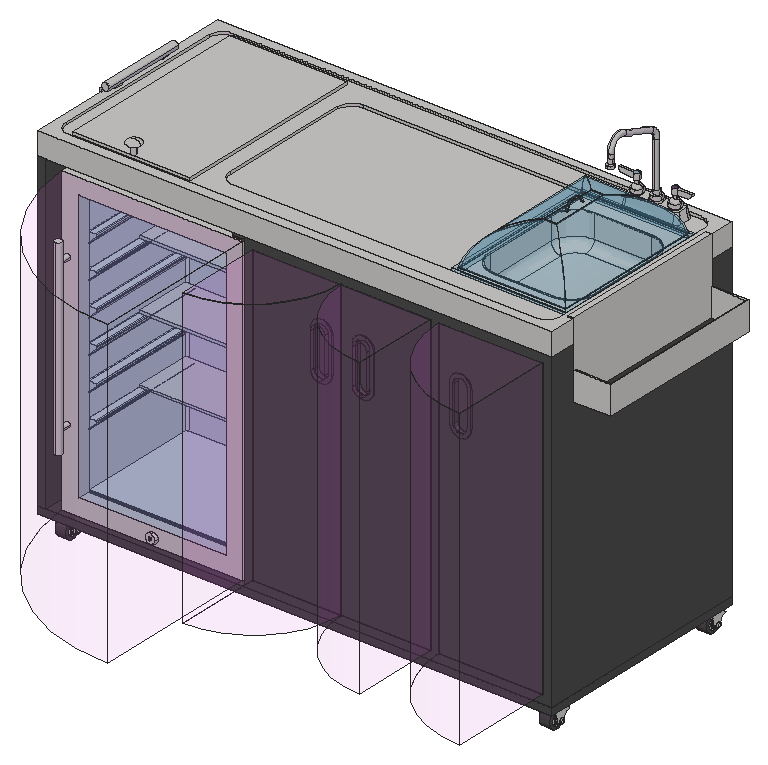
Revit family "QF_Summit_CARTOS54RG_Mobile_Outdoor_Serving_Station_with_Refrigerator", category Specialty Equipment, Revit 2020 (continued)
Automatic sketch dimensions
  curve 169 to curve 168 = 1/2"
  curve 17 to curve 52 = 1.36127"
  curve 168 to curve 17 = 0"
  curve 168 to curve 17 = 0.00258"
  curve 168 to curve 169 = 0"
  curve 170 to curve 171 = 0"
  curve 59 to curve 54 = 0.12794"
  curve 172 to curve 166 = 0.02112"
  curve 165 to curve 40 = 0.00351"
  curve 9 to curve 45 = 0.36948"
  curve 173 to curve 170 = 0.02112"
  curve 169 to curve 52 = 0.00351"
  curve 17 to curve 57 = 0.36948"
  cut or joined group of Extrusion 1, Extrusion 11, Extrusion 12 to Split face 2 sketch curve = 1/16"
  Split face 2 sketch curve to Split face 2 sketch curve = 3/8"
  Split face 2 sketch curve to cut or joined group of Extrusion 1, Extrusion 11, Extrusion 12 = 1 7/8"
  Split face 2 sketch curve to cut or joined group of Extrusion 1, Extrusion 11, Extrusion 12 = 2 1/16"
  cut or joined group of Extrusion 1, Extrusion 11, Extrusion 12 to Split face 3 sketch curve = 1 5/16"
  Split face 3 sketch curve to Split face 3 sketch curve = 3/8"
  Split face 3 sketch curve to cut or joined group of Extrusion 1, Extrusion 11, Extrusion 12 = 1 7/8"
  Split face 3 sketch curve to cut or joined group of Extrusion 1, Extrusion 11, Extrusion 12 = 2 1/16"
  cut or joined group of Extrusion 1, Extrusion 11, Extrusion 12 to Split face 4 sketch curve = 2 9/16"
  Split face 4 sketch curve to Split face 4 sketch curve = 3/8"
  Split face 4 sketch curve to cut or joined group of Extrusion 1, Extrusion 11, Extrusion 12 = 1 7/8"
  Split face 4 sketch curve to cut or joined group of Extrusion 1, Extrusion 11, Extrusion 12 = 2 1/16"
  cut or joined group of Extrusion 1, Extrusion 11, Extrusion 12 to Split face 5 sketch curve = 3 13/16"
  Split face 5 sketch curve to Split face 5 sketch curve = 3/8"
  Split face 5 sketch curve to cut or joined group of Extrusion 1, Extrusion 11, Extrusion 12 = 1 7/8"
  Split face 5 sketch curve to cut or joined group of Extrusion 1, Extrusion 11, Extrusion 12 = 2 1/16"
  cut or joined group of Extrusion 1, Extrusion 11, Extrusion 12 to Split face 6 sketch curve = 5 1/16"
  Split face 6 sketch curve to Split face 6 sketch curve = 3/8"
  Split face 6 sketch curve to cut or joined group of Extrusion 1, Extrusion 11, Extrusion 12 = 1 7/8"
  Split face 6 sketch curve to cut or joined group of Extrusion 1, Extrusion 11, Extrusion 12 = 2 1/16"
  Split face 7 sketch curve to cut or joined group of Extrusion 1, Extrusion 11, Extrusion 12 = 1 7/8"
  cut or joined group of Extrusion 1, Extrusion 11, Extrusion 12 to Split face 7 sketch curve = 6 5/16"
  Split face 7 sketch curve to Split face 7 sketch curve = 3/8"
  Split face 7 sketch curve to cut or joined group of Extrusion 1, Extrusion 11, Extrusion 12 = 2 1/16"
  cut or joined group of Extrusion 1, Extrusion 11, Extrusion 12 to Split face 8 sketch curve = 5 9/16"
  Split face 8 sketch curve to Split face 8 sketch curve = 3/8"
  Split face 8 sketch curve to cut or joined group of Extrusion 1, Extrusion 11, Extrusion 12 = 1 7/8"
  Split face 8 sketch curve to cut or joined group of Extrusion 1, Extrusion 11, Extrusion 12 = 2 1/16"
  cut or joined group of Extrusion 1, Extrusion 11, Extrusion 12 to Split face 9 sketch curve = 4 5/16"
  Split face 9 sketch curve to Split face 9 sketch curve = 3/8"
  Split face 9 sketch curve to cut or joined group of Extrusion 1, Extrusion 11, Extrusion 12 = 1 7/8"
  Split face 9 sketch curve to cut or joined group of Extrusion 1, Extrusion 11, Extrusion 12 = 2 1/16"
  cut or joined group of Extrusion 1, Extrusion 11, Extrusion 12 to Split face 10 sketch curve = 3 1/16"
  Split face 10 sketch curve to Split face 10 sketch curve = 3/8"
  Split face 10 sketch curve to cut or joined group of Extrusion 1, Extrusion 11, Extrusion 12 = 1 7/8"
  Split face 10 sketch curve to cut or joined group of Extrusion 1, Extrusion 11, Extrusion 12 = 2 1/16"
  cut or joined group of Extrusion 1, Extrusion 11, Extrusion 12 to Split face 11 sketch curve = 1 13/16"
  Split face 11 sketch curve to Split face 11 sketch curve = 3/8"
  Split face 11 sketch curve to cut or joined group of Extrusion 1, Extrusion 11, Extrusion 12 = 1 7/8"
  Split face 11 sketch curve to cut or joined group of Extrusion 1, Extrusion 11, Extrusion 12 = 2 1/16"
  cut or joined group of Extrusion 1, Extrusion 11, Extrusion 12 to Split face 12 sketch curve = 9/16"
  cut or joined group of Extrusion 1, Extrusion 11, Extrusion 12 to Split face 12 sketch curve = 3/16"
  Split face 12 sketch curve to cut or joined group of Extrusion 1, Extrusion 11, Extrusion 12 = 1 7/8"
  Split face 12 sketch curve to cut or joined group of Extrusion 1, Extrusion 11, Extrusion 12 = 2 1/16"
  curve 65 to plane 13 = 0"
  plane 1 "BACK" to curve 25 = 0"
  curve 25 to plane 4 "RIGHT" = 0"
  curve 27 to plane 4 "RIGHT" = 0"
  plane 5 "FRONT" to curve 96 = 0"
  curve 26 to plane 3 "LEFT" = 0"
  curve 83 to plane 3 "LEFT" = 0"
  curve 39 to plane 3 "LEFT" = 0"
  curve 71 to plane 13 = 1/8"
  curve 72 to plane 4 "RIGHT" = 1/8"
  plane 4 "RIGHT" to curve 68 = 1/2"
  curve 27 to curve 95 = 7/8"
  curve 65 to curve 31 = 1/2"
  curve 37 to curve 153 = 11/16"
  plane 1 "BACK" to curve 36 = 0.85593"
  curve 30 to curve 36 = 1 1/2"
  curve 33 to plane 5 "FRONT" = 1"
  curve 95 to curve 33 = 1 5/8"
  curve 153 to curve 152 = 2 9/16"
  curve 153 to curve 154 = 2 9/16"
  curve 154 to curve 159 = 4"
  curve 158 to curve 155 = 2"
  curve 152 to curve 150 = 6"
  curve 32 to curve 96 = 7.79303"
  curve 155 to curve 97 = 2 3/8"
  curve 150 to curve 157 = 2 9/16"
  curve 157 to curve 143 = 2 1/16"
  curve 142 to curve 143 = 0"
  curve 135 to curve 139 = 0"
  curve 133 to curve 135 = 0"
  curve 130 to curve 131 = 0"
  curve 157 to curve 111 = 2 1/16"
  curve 109 to curve 111 = 0"  (x2)
  curve 125 to curve 127 = 0"
  curve 121 to curve 123 = 0"
  curve 103 to curve 107 = 0"
  curve 117 to curve 119 = 0"
  plane 7 "Center Y" to curve 98 = 6.24764"
  curve 98 to curve 99 = 2.60353"
  curve 174 to plane 7 "Center Y" = 4 5/16"
  plane 8 "Center X" to curve 111 = 4.08157"
  curve 111 to plane 7 "Center Y" = 8 11/16"
  curve 115 to curve 112 = 0"
  curve 119 to curve 118 = 0"
  curve 106 to curve 107 = 0"
  curve 174 to curve 144 = 4 3/8"
  curve 141 to curve 143 = 0"
  plane 8 "Center X" to curve 123 = 0.33157"
  curve 123 to curve 122 = 0"
  curve 137 to curve 139 = 0"
  curve 127 to curve 126 = 0"
  curve 131 to curve 128 = 0"
  curve 144 to curve 38 = 3/8"
  curve 103 to curve 162 = 3/8"
  curve 100 to curve 101 = 1 1/2"
  curve 86 to plane 5 "FRONT" = 1 5/8"
  curve 101 to curve 86 = 1 11/16"
  curve 85 to curve 89 = 11/16"
  curve 92 to plane 5 "FRONT" = 1 31/32"
  curve 88 to curve 92 = 5 7/16"
  plane 3 "LEFT" to curve 91 = 3 1/8"
  curve 90 to curve 36 = 5/8"
  curve 90 to curve 33 = 5/8"
  curve 36 to curve 85 = 1/16"
  plane 3 "LEFT" to curve 80 = 1 5/8"
  plane 3 "LEFT" to curve 148 = 1"
  plane 3 "LEFT" to curve 149 = 1"
  curve 148 to curve 79 = 1/8"
  curve 77 to plane 3 "LEFT" = 1/8"
  curve 83 to curve 75 = 1/8"
  curve 36 to curve 84 = 0.64407"
  curve 91 to curve 35 = 0.16843"
  curve 31 to curve 65 = 0.45657"
  curve 28 to curve 69 = 1/8"
  plane 1 "BACK" to curve 162 = 3.35593"
  curve 162 to curve 163 = 1 13/16"
  curve 163 to curve 151 = 0"
  curve 103 to curve 111 = 2 1/2"
  curve 104 to curve 104 = 3/8"
  curve 105 to curve 107 = 1/2"
  curve 110 to curve 110 = 3/8"
  plane 8 "Center X" to curve 79 = 4.58157"
  curve 112 to curve 112 = 3/8"
  curve 79 to curve 73 = 1.00954"
  curve 112 to curve 115 = 1/2"
  curve 73 to curve 75 = 3/4"
  curve 118 to curve 118 = 3/8"
  curve 116 to curve 119 = 1/2"
  curve 120 to curve 120 = 3/8"
  curve 126 to plane 8 "Center X" = 0.04343"
  curve 126 to curve 127 = 1/2"
  curve 130 to curve 130 = 3/8"
  curve 128 to curve 131 = 1/2"
  curve 132 to curve 132 = 3/8"
  curve 159 to plane 8 "Center X" = 2.66843"
  curve 77 to plane 8 "Center X" = 2.67796"
  curve 133 to curve 135 = 1/2"
  curve 76 to curve 78 = 3/4"
  curve 138 to curve 138 = 3/8"
  curve 153 to plane 8 "Center X" = 3.91843"
  curve 78 to curve 81 = 1"
  curve 137 to curve 139 = 1/2"
  curve 140 to curve 140 = 3/8"
  curve 141 to curve 143 = 1/2"
  curve 144 to curve 144 = 3/8"
  curve 145 to curve 101 = 3/8"
  curve 70 to plane 5 "FRONT" = 2 15/16"
  curve 70 to curve 66 = 1/8"
  curve 88 to curve 86 = 11/16"
  curve 34 to curve 93 = 3/16"
  curve 84 to curve 33 = 5/8"
  plane 5 "FRONT" to curve 99 = 4 19/32"
  curve 174 to curve 98 = 1/16"
  plane 5 "FRONT" to curve 96 = 5 7/16"
  curve 96 to curve 95 = 0"
  curve 30 to curve 147 = 0.2523"
  curve 147 to curve 161 = 0.44346"
  curve 152 to curve 151 = 1.66504"
  curve 151 to curve 161 = 0.00559"
  curve 151 to curve 163 = 0.62545"
  curve 161 to curve 160 = 0.62565"
  curve 158 to curve 158 = 7/8"
  curve 160 to curve 163 = 0.94908"
  curve 160 to curve 162 = 0.45615"
  curve 98 to curve 97 = 0"
  curve 99 to curve 174 = 0"
  curve 88 to curve 92 = 0.66659"
  curve 78 to curve 26 = 0.89527"
  curve 76 to curve 78 = 0"
  plane 3 "LEFT" to curve 75 = 0.89527"
  curve 73 to curve 75 = 0"
  curve 161 to curve 151 = 1 13/16"
  curve 160 to curve 161 = 0"
  curve 65 to curve 147 = 0.54343"
  curve 31 to curve 152 = 1/2"
  curve 73 to curve 39 = 0.00954"
  curve 154 to curve 37 = 0.50954"
  curve 71 to curve 29 = 3/16"
  radius of Extrusion 9 sketch curve = 7/8"
  radius of Extrusion 29 sketch curve = 3/8"
  radius of Extrusion 11 sketch curve to Extrusion 1 = 0"  (x2)
Nested families (in)
  nested 1: "2.5 INCHES_CASTER" at (-3.5625, -1.93248, 0), type "2.5 INCHES_CASTER"
    with Type Mark "", Specification by User "", Revision Code "", Item Number "", Installed By "", Identify Quantity as Lot yes, Furnished By "", Foodservice Equipment Identifier yes, 2.5 Inches Caster yes
  nested 2: "2.5 INCHES_CASTER" at (47.1875, -1.93248, 0), type "2.5 INCHES_CASTER"
    with Type Mark "", Specification by User "", Revision Code "", Item Number "", Installed By "", Identify Quantity as Lot yes, Furnished By "", Foodservice Equipment Identifier yes, 2.5 Inches Caster yes
  nested 3: "2.5 INCHES_CASTER" at (-3.5625, -22.43248, 0), type "2.5 INCHES_CASTER"
    with Type Mark "", Specification by User "", Revision Code "", Item Number "", Installed By "", Identify Quantity as Lot yes, Furnished By "", Foodservice Equipment Identifier yes, 2.5 Inches Caster yes
  nested 4: "2.5 INCHES_CASTER" at (47.1875, -22.43248, 0), type "2.5 INCHES_CASTER"
    with Type Mark "", Specification by User "", Revision Code "", Item Number "", Installed By "", Identify Quantity as Lot yes, Furnished By "", Foodservice Equipment Identifier yes, 2.5 Inches Caster yes
  nested 5: "Summit_Faucet" at (45.5, -1.0625, 38.25) x (-1, 0, 0) z (0, 0, 1), type "Summit_Faucet"
    with Type Mark "", Specification by User "", Revision Code "", Item Number "", Installed By "", Identify Quantity as Lot yes, Furnished By "", Foodservice Equipment Identifier yes
  nested 6: "Summit_SPR488BOSADALHD" at (16.42731, -5.875, 3.25) x (-1, 0, 0) z (0, 0, 1), Show Clearance <- "Show Clearance", type "Summit_SPR488BOSADALHD"
    with Show Clearance yes
  nested 7: "SPR488BOSADA_Door" at (-4.19535, -7.23814, 3.25), visible <- "Show RHD", type "SPR488BOSADA_Door"
    with Show Logo yes, Show Clearance yes
  nested 8: "SPR488BOSADA_Door" at (18.04997, -7.23814, 3.25) x (-1, 0, 0) z (0, 0, 1), visible <- "Show LHD", type "SPR488BOSADA_Door"
    with Show Logo yes, Show Clearance yes
Definition of nested family "2.5 INCHES_CASTER"
  Parameters (values of type "2.5 INCHES_CASTER")
    Weight = ""
    URL Manufacturer = ""
    URL Cutsheet = ""
    URL = ""
    Type Mark [instance] = ""
    Specification by User [instance] = ""
    Specification by Manufacturer = ""
    Serial Number = ""
    Seismic Rating = ""
    SMACNA No = ""
    Revision Code [instance] = ""
    Omniclass Number and Title = ""
    NAFEM Spec ID Number = ""
    Model = ""
    MasterSpec. = ""
    Manufacturer = ""
    Item Number [instance] = ""
    Installed By [instance] = ""
    Identify Quantity as Lot [instance] = yes
    Furnished By [instance] = ""
    Foodservice Equipment Identifier [instance] = yes
    Description = ""
    Default Elevation = 0"
    CSI MasterFormat = ""
    CSI Master Format = ""
    Assembly Code = ""
    2.5 Inches Caster [instance] = yes
  Reference planes (in)
    plane 1: z = 0
    plane 2 "RIGHT": x = 0
    plane 3 "FRONT": y = 0
    plane 4 "TOP": z = 2.5
  Forms (in)
    Revolve 1, solid, visible <- "2.5 Inches Caster"
      sketch origin (-1.93794, 0.83816, -1.0041) x (1, 0, 0) y (0, 0, 1)
        loop
          line (0.74055, 1.92597) -> (0.74055, 1.85047) -> (0.79055, 1.80047) -> (0.85055, 1.80047) -> (0.85055, 1.6804) -> (1.235, 1.6804) -> (1.235, 1.61305) -> (1.38673, 1.52545) -> (1.4003, 1.4416) -> (1.34375, 1.4416) -> (1.34375, 1.3166) -> (1.375, 1.3166) -> (1.375, 1.0041) -> (2.48438, 1.0041) -> (2.48438, 1.3166) -> (2.51563, 1.3166) -> (2.51563, 1.4416) -> (2.45908, 1.4416) -> (2.47322, 1.52897) -> (2.62438, 1.61624) -> (2.62438, 1.6804) -> (3.04007, 1.6804) -> (3.04007, 1.80047) -> (3.10007, 1.80047) -> (3.15007, 1.85047) -> (3.15007, 1.92597) -> (0.74055, 1.92597)
        axis (0.74055, 1.92597) -> (3.15007, 1.92597)
      angle from 0 to 360
    Extrusion 2, solid, visible <- "2.5 Inches Caster"
      sketch origin (-1.93794, 1.80294, -3.2541) x (0, 1, 0) y (0, 0, 1)
        loop
          line (-0.64294, 5.43229) -> (-0.64294, 5.55298) -> (-2.21294, 5.55298) -> (-2.21294, 5.30272) -> (-1.81966, 5.30272)
          arc (-1.81966, 5.30272) -> (-1.13638, 5.20789) -> (-0.46376, 5.05475) r 8.02767
          arc (-0.46376, 5.05475) -> (-0.19511, 4.95469) -> (0.05138, 4.80832) r 1.60049
          line (0.05138, 4.80832) -> (0.12713, 4.91318)
          arc (0.12713, 4.91318) -> (-0.07255, 5.06376) -> (-0.29048, 5.18644) r 1.8753
          line (-0.29048, 5.18644) -> (-0.22239, 5.30423)
          arc (-0.22239, 5.30423) -> (-0.42776, 5.38437) -> (-0.64294, 5.43229) r 1.44292
      from 1.17357 to 2.70231
    Revolve 3, solid, visible <- "2.5 Inches Caster"
      sketch origin (0, 2.10856, -3.75) x (0, 1, 0) y (0, 0, 1)
        loop
          line (-1.73858, 6.25) -> (-1.73858, 6.04889) -> (-1.05793, 6.04889) -> (-1.05793, 6.25) -> (-1.73858, 6.25)
        axis (-1.73858, 6.04889) -> (-1.73858, 6.25)
      angle from 0 to 360
    Extrusion 4, solid, visible <- "2.5 Inches Caster"
      sketch origin (-1.98481, 1.80294, -1.7541) x (0, 1, 0) y (0, 0, 1)
        loop
          line (-2.21294, 4.05298) -> (-2.21294, 3.80272) -> (-2.13999, 3.80272)
          arc (-2.13999, 3.80272) -> (-1.62379, 3.51899) -> (-1.39241, 2.97729) r 0.90292
          arc (-1.39241, 2.97729) -> (-1.36136, 2.78161) -> (-1.29729, 2.59413) r 1.15385
          arc (-1.29729, 2.59413) -> (-0.94802, 2.37355) -> (-0.6121, 2.61396) r 0.37001
          arc (-0.6121, 2.61396) -> (-0.59625, 2.66241) -> (-0.58446, 2.712) r 0.61695
          arc (-0.58446, 2.712) -> (-0.36134, 3.11665) -> (0.05609, 3.31484) r 0.75313
          line (0.05609, 3.31484) -> (0.12713, 3.41318)
          arc (0.12713, 3.41318) -> (-0.07255, 3.56376) -> (-0.29048, 3.68644) r 1.8753
          line (-0.29048, 3.68644) -> (-0.22239, 3.80423)
          arc (-0.22239, 3.80423) -> (-0.42776, 3.88437) -> (-0.64294, 3.93229) r 1.44292
          line (-0.64294, 3.93229) -> (-0.64294, 4.05298) -> (-2.21294, 4.05298)
      from 2.74918 to 2.90825
    Extrusion 5, solid, visible <- "2.5 Inches Caster"
      sketch origin (1.98481, 1.80294, -1.7541) x (0, 1, 0) y (0, 0, -1)
        loop
          line (-2.21294, -4.05298) -> (-0.64294, -4.05298) -> (-0.64294, -3.93229)
          arc (-0.64294, -3.93229) -> (-0.42776, -3.88437) -> (-0.22239, -3.80423) r 1.44292
          line (-0.22239, -3.80423) -> (-0.29048, -3.68644)
          arc (-0.29048, -3.68644) -> (-0.07255, -3.56376) -> (0.12713, -3.41318) r 1.8753
          line (0.12713, -3.41318) -> (0.05609, -3.31484)
          arc (0.05609, -3.31484) -> (-0.36134, -3.11665) -> (-0.58446, -2.712) r 0.75313
          arc (-0.58446, -2.712) -> (-0.59625, -2.66241) -> (-0.6121, -2.61396) r 0.61695
          arc (-0.6121, -2.61396) -> (-0.94802, -2.37355) -> (-1.29729, -2.59413) r 0.37001
          arc (-1.29729, -2.59413) -> (-1.36136, -2.78161) -> (-1.39241, -2.97729) r 1.15385
          arc (-1.39241, -2.97729) -> (-1.62379, -3.51899) -> (-2.13999, -3.80272) r 0.90292
          line (-2.13999, -3.80272) -> (-2.21294, -3.80272) -> (-2.21294, -4.05298)
      from 2.74918 to 2.90825
  Lines and regions (in)
    symbolic lines, visible <- "2.5 Inches Caster"
      curve 1: line (0.10651, 1.96132, 0) -> (0.80944, 1.55548, 0)
      curve 2: line (-0.89349, 0.22927, 0) -> (0.10651, 1.96132, 0)
      curve 3: line (-0.19056, -0.17657, 0) -> (-0.89349, 0.22927, 0)
      curve 4: line (0.80944, 1.55548, 0) -> (-0.19056, -0.17657, 0)
  Dimensions and locks (in)
    plane 4 "TOP" to level = 2 1/2"  (x2)
    aligned and locked: level to plane 1
Definition of nested family "Summit_Faucet"
  Parameters (values of type "Summit_Faucet")
    Weight = ""
    URL Manufacturer = ""
    URL Cutsheet = ""
    URL = ""
    Type Mark [instance] = ""
    Specification by User [instance] = ""
    Specification by Manufacturer = ""
    Serial Number = ""
    Seismic Rating = ""
    SMACNA No = ""
    Revision Code [instance] = ""
    Omniclass Number and Title = ""
    NAFEM Spec ID Number = ""
    Model = ""
    MasterSpec. = ""
    Manufacturer = ""
    Item Number [instance] = ""
    Installed By [instance] = ""
    Identify Quantity as Lot [instance] = yes
    Furnished By [instance] = ""
    Foodservice Equipment Identifier [instance] = yes
    Default Elevation = 0"
    CSI MasterFormat = ""
    CSI Master Format = ""
  Reference planes (in)
    plane 1 "BACK": y = 0
    plane 2: z = 0
    plane 3 "LEFT": x = 0
    plane 4 "RIGHT": x = 6
    plane 5 "FRONT": y = -2
    plane 6 "TOP": z = 9.5
    plane 7: x = 3
    plane 8: x = 1
    plane 9: x = 5
    plane 10: z = 6.75
    plane 11: y = -1
    plane 12: y = -7
  Forms (in)
    Blend 1, solid
      base sketch origin (0, 0, 0) x (1, 0, 0) y (0, 1, 0)
        loop
          arc (0.5, 0) -> (0.14645, -0.14645) -> (0, -0.5) r 0.5
          line (0, -0.5) -> (0, -1.5)
          arc (0, -1.5) -> (0.14645, -1.85355) -> (0.5, -2) r 0.5
          line (0.5, -2) -> (5.5, -2)
          arc (5.5, -2) -> (5.85355, -1.85355) -> (6, -1.5) r 0.5
          line (6, -1.5) -> (6, -0.5)
          arc (6, -0.5) -> (5.85355, -0.14645) -> (5.5, 0) r 0.5
          line (5.5, 0) -> (0.5, 0)
      top sketch origin (0, 0, 0) x (1, 0, 0) y (0, 1, 0)
        loop
          line (5.5, -0.25) -> (0.5, -0.25)
          arc (0.5, -0.25) -> (0.32322, -0.32322) -> (0.25, -0.5) r 0.25
          line (0.25, -0.5) -> (0.25, -1.5)
          arc (0.25, -1.5) -> (0.32322, -1.67678) -> (0.5, -1.75) r 0.25
          line (0.5, -1.75) -> (5.5, -1.75)
          arc (5.5, -1.75) -> (5.67678, -1.67678) -> (5.75, -1.5) r 0.25
          line (5.75, -1.5) -> (5.75, -0.5)
          arc (5.75, -0.5) -> (5.67678, -0.32322) -> (5.5, -0.25) r 0.25
      from 0 to 1
    Extrusion 2, solid
      sketch origin (0, -0.09496, -3.5) x (1, 0, 0) y (0, 0, 1)
        loop
          line (4.82421, 6.36488) -> (4.82421, 5.7908) -> (5.75768, 5.80403) -> (6.42048, 5.89366)
          arc (6.42048, 5.89366) -> (6.70947, 6.05462) -> (6.82421, 6.36488) r 0.47687
          line (6.82421, 6.36488) -> (4.82421, 6.36488)
      from 0.77919 to 1.02919
    Revolve 3, solid
      sketch origin (-4.03517, -1, 0) x (1, 0, 0) y (0, 0, 1)
        loop
          line (5.03934, 1) -> (5.03934, 3.02505)
          arc (5.03934, 3.02505) -> (4.87585, 2.98746) -> (4.76133, 2.86488) r 0.2869
          line (4.76133, 2.86488) -> (4.76133, 2.2908) -> (4.87917, 2.2908) -> (4.87917, 1.83261)
          arc (4.87917, 1.83261) -> (4.65407, 1.74222) -> (4.60414, 1.50485) r 0.25731
          line (4.60414, 1.50485) -> (4.45379, 1.50485) -> (4.45379, 1.1768) -> (4.53934, 1.1768) -> (4.53934, 1) -> (5.03934, 1)
        axis (5.03934, 1) -> (5.03934, 3.02505)
      angle from 0 to 360
    Revolve 4, solid
      sketch origin (10.03517, -0.99916, 0) x (-1, 0, 0) y (0, 0, -1)
        loop
          line (5.03934, -1) -> (4.53934, -1) -> (4.53934, -1.1768) -> (4.45379, -1.1768) -> (4.45379, -1.50485) -> (4.60414, -1.50485)
          arc (4.60414, -1.50485) -> (4.65407, -1.74222) -> (4.87917, -1.83261) r 0.25731
          line (4.87917, -1.83261) -> (4.87917, -2.2908) -> (4.76133, -2.2908) -> (4.76133, -2.86488)
          arc (4.76133, -2.86488) -> (4.87585, -2.98746) -> (5.03934, -3.02505) r 0.2869
          line (5.03934, -3.02505) -> (5.03934, -1)
        axis (5.03934, -1) -> (5.03934, -3.02505)
      angle from 0 to 360
    Extrusion 5, solid
      sketch origin (6, -0.09496, -3.5) x (-1, 0, 0) y (0, 0, -1)
        loop
          line (4.82421, -6.36488) -> (6.82421, -6.36488)
          arc (6.82421, -6.36488) -> (6.70947, -6.05462) -> (6.42048, -5.89366) r 0.47687
          line (6.42048, -5.89366) -> (5.75768, -5.80403) -> (4.82421, -5.7908) -> (4.82421, -6.36488)
      from 0.77919 to 1.02919
    Revolve 6, solid
      sketch origin (0, -7, 0) x (1, 0, 0) y (0, 0, 1)
        loop
          line (3, 7.59291) -> (2.75, 7.59291) -> (2.75, 7.16874) -> (2.625, 6.95223) -> (2.625, 6.75) -> (3, 6.75) -> (3, 7.59291)
        axis (3, 6.75) -> (3, 7.59291)
      angle from 0 to 360
    Sweep 7, solid
      path origin (3, 0, 0) x (0, 1, 0) y (0, 0, 1)
        loop
          line (-7, 7.59291) -> (-7, 8.04139)
          arc (-7, 8.04139) -> (-6.46697, 9.06533) -> (-5.32247, 9.21601) r 1.25
          line (-5.32247, 9.21601) -> (-1.75198, 7.91645)
          arc (-1.75198, 7.91645) -> (-1.20668, 7.49803) -> (-1, 6.84252) r 1.14286
          line (-1, 6.84252) -> (-1, 2)
      profile origin (3, -7, 7.81715) x (0, -1, 0) y (1, 0, 0)
        loop
          circle (0, 0) r 0.25
    Revolve 8, solid
      sketch origin (8.03517, -0.9375, -3.5) x (-1, 0, 0) y (0, 0, -1)
        loop
          line (5.03934, -4.5) -> (4.40363, -4.5) -> (4.40363, -4.67045) -> (4.50358, -4.67045) -> (4.50358, -5.02398) -> (4.68786, -5.13038) -> (4.68786, -5.5) -> (5.03934, -5.5) -> (5.03934, -4.5)
        axis (5.03934, -4.5) -> (5.03934, -5.5)
      angle from 0 to 360
  Cuts and joins
    joined: Revolve 6, Sweep 7
  Lines and regions (in)
    symbolic lines
      curve 1: line (2.67337, -7.08919, 0) -> (2.67337, -1, 0)
      curve 2: line (3.29837, -7.08919, 0) -> (3.29837, -1, 0)
      curve 3: arc (3.29837, -1, 0) -> (2.98587, -0.6875, 0) -> (2.67337, -1, 0) r 0.3125
      curve 4: arc (3.29837, -1.40113, 0) -> (2.98587, -0.49151, 0) -> (2.67337, -1.40113, 0) r 0.50849
      curve 5: arc (3.29837, -1.5749, 0) -> (3.01791, -0.35019, 0) -> (2.67337, -1.55844, 0) r 0.6486
      curve 6: line (4.38304, -0.63916, 0) -> (5.00804, -0.27831, 0)
      curve 7: line (5.00804, -0.27831, 0) -> (5.63304, -0.63916, 0)
      curve 8: line (5.63304, -0.63916, 0) -> (5.63304, -1.26764, 0)
      curve 9: line (4.38304, -1.36084, 0) -> (4.38304, -0.63916, 0)
      curve 10: line (5.00804, -1.72169, 0) -> (4.38304, -1.36084, 0)
      curve 11: line (5.23435, -1.59103, 0) -> (5.00804, -1.72169, 0)
      curve 12: arc (5.53526, -1.17341, 0) -> (4.61465, -0.60851, 0) -> (5.18402, -1.52636, 0) r 0.555
      curve 13: arc (5.28147, -0.74178, 0) -> (4.74077, -0.73099, 0) -> (4.75156, -1.27169, 0) r 0.375
      curve 14: arc (4.75156, -1.27169, 0) -> (4.84744, -1.34648, 0) -> (4.96221, -1.38665, 0) r 0.375
      curve 15: arc (5.23435, -1.59103, 0) -> (5.11621, -1.46497, 0) -> (4.96221, -1.38665, 0) r 0.5
      curve 16: line (5.22231, -1.58455, 0) -> (6.43111, -2.61867, 0)
      curve 17: arc (6.43111, -2.61867, 0) -> (6.60796, -2.59971, 0) -> (6.62691, -2.42286, 0) r 0.14168
      curve 18: line (5.58934, -1.21683, 0) -> (6.62691, -2.42286, 0)
      curve 19: arc (5.39644, -0.95243, 0) -> (5.47064, -1.10086, 0) -> (5.58934, -1.21683, 0) r 0.5
      curve 20: arc (5.39644, -0.95243, 0) -> (5.35626, -0.83766, 0) -> (5.28147, -0.74178, 0) r 0.375
      curve 21: line (1.62658, -0.63916, 0) -> (1.00158, -0.27831, 0)
      curve 22: line (1.62658, -1.36084, 0) -> (1.62658, -0.63916, 0)
      curve 23: line (1.00158, -1.72169, 0) -> (1.62658, -1.36084, 0)
      curve 24: line (0.77192, -1.58909, 0) -> (1.00158, -1.72169, 0)
      curve 25: line (0.77192, -1.58909, 0) -> (-0.42292, -2.61705, 0)
      curve 26: arc (-0.61721, -2.42277, 0) -> (-0.59834, -2.59818, 0) -> (-0.42292, -2.61705, 0) r 0.1406
      curve 27: line (0.42029, -1.21683, 0) -> (-0.61721, -2.42277, 0)
      curve 28: arc (0.42029, -1.21683, 0) -> (0.53899, -1.10086, 0) -> (0.61319, -0.95243, 0) r 0.5
      curve 29: arc (1.04741, -1.38665, 0) -> (0.89898, -1.46086, 0) -> (0.78301, -1.57955, 0) r 0.5
      curve 30: arc (1.04741, -1.38665, 0) -> (1.16218, -1.34648, 0) -> (1.25806, -1.27169, 0) r 0.375
      curve 31: arc (1.25806, -1.27169, 0) -> (1.26885, -0.73099, 0) -> (0.72816, -0.74178, 0) r 0.375
      curve 32: arc (0.72816, -0.74178, 0) -> (0.65337, -0.83766, 0) -> (0.61319, -0.95243, 0) r 0.375
      curve 33: circle (1.00158, -1, 0) r 0.225 normal (0, 0, 1)
      curve 34: line (1.00158, -0.27831, 0) -> (0.37658, -0.63916, 0)
      curve 35: line (0.37658, -0.63916, 0) -> (0.37658, -1.26764, 0)
      curve 36: arc (0.82561, -1.52636, 0) -> (1.39498, -0.60851, 0) -> (0.47437, -1.17341, 0) r 0.555
      curve 37: arc (2.67337, -6.68325, 0) -> (2.98587, -7.60148, 0) -> (3.29837, -6.68325, 0) r 0.51229
      curve 38: arc (2.67337, -7.08919, 0) -> (2.98587, -7.40169, 0) -> (3.29837, -7.08919, 0) r 0.3125
      curve 39: line (3.29837, -2, 0) -> (5.51871, -2, 0)
      curve 40: line (6, -1.5, 0) -> (6, -0.5, 0)
      curve 41: line (5.5, 0, 0) -> (0.5, 0, 0)
      curve 42: line (0, -0.5, 0) -> (0, -1.5, 0)
      curve 43: line (0.5, -2, 0) -> (2.67337, -2, 0)
      curve 44: line (0.58489, -1.75, 0) -> (2.67337, -1.75, 0)
      curve 45: line (3.29837, -1.75, 0) -> (5.41571, -1.75, 0)
      curve 46: line (0.5, -0.25, 0) -> (5.5, -0.25, 0)
      curve 47: arc (5.75, -0.5, 0) -> (5.67678, -0.32322, 0) -> (5.5, -0.25, 0) r 0.25
      curve 48: arc (0.5, -0.25, 0) -> (0.32322, -0.32322, 0) -> (0.25, -0.5, 0) r 0.25
      curve 49: line (0.25, -1.41477, 0) -> (0.25, -0.5, 0)
      curve 50: line (5.75, -0.5, 0) -> (5.75, -1.40358, 0)
      curve 51: line (0.05911, -1.63665, 0) -> (0, -1.5, 0)
      curve 52: line (0.5, -2, 0) -> (0.35546, -1.94739, 0)
      curve 53: line (5.64118, -1.94289, 0) -> (5.51871, -2, 0)
      curve 54: line (5.94504, -1.63028, 0) -> (6, -1.5, 0)
      curve 55: arc (5.5, 0, 0) -> (5.85355, -0.14645, 0) -> (6, -0.5, 0) r 0.5
      curve 56: arc (0, -0.5, 0) -> (0.14645, -0.14645, 0) -> (0.5, 0, 0) r 0.5
      curve 57: circle (4.99842, -1, 0) r 0.225 normal (0, 0, -1)
  Dimensions and locks (in)
    equal spacing: plane 4 "RIGHT", plane 7, plane 3 "LEFT"
    plane 6 "TOP" to plane 2 = 9 1/2"
    aligned and locked: level to plane 2
  Automatic sketch dimensions
    Blend 1 sketch curve to plane 3 "LEFT" = 0"
    plane 5 "FRONT" to Blend 1 sketch curve = 0"
    plane 1 "BACK" to Blend 1 sketch curve = 0"
    Blend 1 sketch curve to plane 4 "RIGHT" = 0"
    plane 3 "LEFT" to Blend 1 sketch curve = 1/2"  (x2)
    Blend 1 sketch curve to plane 4 "RIGHT" = 1/2"  (x3)
    plane 1 "BACK" to Blend 1 sketch curve = 1/2"  (x2)
    plane 3 "LEFT" to Blend 1 sketch curve = 1/4"
    Blend 1 sketch curve to Blend 1 sketch curve = 1/4"  (x3)
    Blend 1 sketch curve to plane 5 "FRONT" = 1/4"
    plane 9 to Extrusion 2 sketch curve = 45/256"
    Extrusion 2 sketch curve to plane 4 "RIGHT" = 0.24232"
    plane 4 "RIGHT" to Extrusion 2 sketch curve = 0.34735"
    plane 4 "RIGHT" to Extrusion 2 sketch curve = 0.42048"
    Extrusion 2 sketch curve to plane 10 = 3.88512"
    Extrusion 2 sketch curve to Extrusion 2 sketch curve = 0.47687"
    Extrusion 2 sketch curve to Extrusion 2 sketch curve = 0.08963"
    Extrusion 2 sketch curve to Extrusion 2 sketch curve = 0.57408"
    plane 8 to Extrusion 5 sketch curve = 45/256"
    plane 3 "LEFT" to Extrusion 5 sketch curve = 0.24232"
    Extrusion 5 sketch curve to plane 3 "LEFT" = 0.34735"
    Extrusion 5 sketch curve to plane 3 "LEFT" = 0.42048"
    Extrusion 5 sketch curve to plane 10 = 3.88512"
    Extrusion 5 sketch curve to Extrusion 5 sketch curve = 0.47687"
    Extrusion 5 sketch curve to Extrusion 5 sketch curve = 0.08963"
    Extrusion 5 sketch curve to Extrusion 5 sketch curve = 0.57408"
    Revolve 6 sketch curve to plane 10 = 0"
    plane 7 to Revolve 6 sketch curve = 0"  (x2)
    Revolve 6 sketch curve to Revolve 6 sketch curve = 1/4"
    Revolve 6 sketch curve to Revolve 6 sketch curve = 1/8"
    plane 10 to Revolve 6 sketch curve = 0.20223"
    Revolve 6 sketch curve to Revolve 6 sketch curve = 0.21651"
    Revolve 6 sketch curve to Revolve 6 sketch curve = 0.42418"
    Revolve 6 sketch curve to Revolve 6 sketch curve = 0.09934"
    Revolve 6 sketch curve to Revolve 6 sketch curve = 0.33586"
    plane 7 to Revolve 8 sketch curve = 0.63154"
    Revolve 8 sketch curve to Revolve 8 sketch curve = 0.09994"
    Revolve 8 sketch curve to Revolve 8 sketch curve = 0.18428"
    Revolve 8 sketch curve to plane 7 = 0.00417"  (x2)
    Revolve 8 sketch curve to plane 10 = 3.2092"
    Revolve 8 sketch curve to plane 10 = 4 3/4"
    Revolve 8 sketch curve to Revolve 8 sketch curve = 0.5408"
    Revolve 8 sketch curve to Revolve 8 sketch curve = 0.36962"
    Revolve 8 sketch curve to Revolve 8 sketch curve = 0.1064"
    Revolve 8 sketch curve to Revolve 8 sketch curve = 0.35353"
    Revolve 8 sketch curve to Revolve 8 sketch curve = 0.17045"
    Revolve 3 sketch curve to plane 8 = 0.0161"
    Revolve 3 sketch curve to plane 8 = 0.156"
    Revolve 3 sketch curve to plane 8 = 0.18399"
    Revolve 3 sketch curve to Revolve 3 sketch curve = 0.11783"
    Revolve 3 sketch curve to Revolve 3 sketch curve = 0.24704"
    Revolve 3 sketch curve to plane 8 = 0.49583"
    Revolve 3 sketch curve to Revolve 3 sketch curve = 0.08555"
    plane 8 to Revolve 3 sketch curve = 0.00417"  (x2)
    level to Revolve 3 sketch curve = 1"
    Revolve 3 sketch curve to Revolve 3 sketch curve = 0.1768"
    Revolve 3 sketch curve to Revolve 3 sketch curve = 0.32805"
    Revolve 3 sketch curve to Revolve 3 sketch curve = 0.07197"
    Revolve 3 sketch curve to Revolve 3 sketch curve = 0.45819"
    Revolve 3 sketch curve to Revolve 3 sketch curve = 1/4"
    Revolve 3 sketch curve to Revolve 3 sketch curve = 0.19807"
    Revolve 3 sketch curve to Revolve 3 sketch curve = 0.12601"
    plane 10 to Revolve 3 sketch curve = 0.2908"
    Revolve 4 sketch curve to plane 9 = 0.0161"
    Revolve 4 sketch curve to plane 9 = 0.156"
    Revolve 4 sketch curve to plane 9 = 0.18399"
    Revolve 4 sketch curve to plane 9 = 0.27384"
    Revolve 4 sketch curve to Revolve 4 sketch curve = 0.24704"
    Revolve 4 sketch curve to plane 9 = 0.49583"
    Revolve 4 sketch curve to Revolve 4 sketch curve = 0.08555"
    plane 9 to Revolve 4 sketch curve = 0.00417"  (x2)
    level to Revolve 4 sketch curve = 1"
    Revolve 4 sketch curve to Revolve 4 sketch curve = 0.1768"
    Revolve 4 sketch curve to Revolve 4 sketch curve = 0.32805"
    Revolve 4 sketch curve to Revolve 4 sketch curve = 0.07197"
    Revolve 4 sketch curve to Revolve 4 sketch curve = 0.45819"
    Revolve 4 sketch curve to Revolve 4 sketch curve = 1/4"
    Revolve 4 sketch curve to Revolve 4 sketch curve = 0.19807"
    Revolve 4 sketch curve to Revolve 4 sketch curve = 0.12601"
    plane 10 to Revolve 4 sketch curve = 0.2908"
    curve 3 to curve 4 = 0"  (x2)
    curve 30 to curve 32 = 0"  (x2)
    curve 33 to curve 36 = 0"  (x2)
    curve 37 to curve 38 = 0"  (x2)
    curve 47 to curve 55 = 0"  (x2)
    curve 48 to curve 56 = 0"  (x2)
    curve 42 to plane 3 "LEFT" = 0"
    plane 5 "FRONT" to curve 43 = 0"
    plane 1 "BACK" to curve 56 = 0"
    curve 36 to plane 11 = 0"
    curve 3 to plane 11 = 0"
    plane 5 "FRONT" to curve 39 = 0"
    curve 57 to plane 11 = 0"
    curve 12 to plane 11 = 0"
    curve 54 to plane 4 "RIGHT" = 0"
    curve 26 to plane 3 "LEFT" = 0.42292"
    curve 26 to curve 25 = 0.07599"
    curve 27 to curve 26 = 0.11829"
    plane 3 "LEFT" to curve 51 = 0.05911"
    plane 3 "LEFT" to curve 28 = 0.13506"
    curve 56 to curve 49 = 1/4"
    curve 52 to plane 5 "FRONT" = 0.05261"
    plane 3 "LEFT" to curve 52 = 91/256"
    curve 49 to curve 35 = 0.12658"
    curve 35 to curve 28 = 0.04371"
    curve 28 to curve 36 = 0.05408"
    curve 52 to curve 43 = 37/256"
    curve 48 to curve 46 = 1/4"
    curve 43 to curve 44 = 0.08489"
    plane 11 to curve 28 = 0.04757"
    curve 36 to curve 28 = 0.13882"
    curve 28 to curve 32 = 0.11497"
    curve 24 to plane 8 = 0.22808"
    curve 24 to curve 29 = 0.01109"
    curve 29 to curve 36 = 0.0426"
    curve 32 to plane 8 = 0.01747"
    plane 8 to curve 36 = 0.00158"
    plane 8 to curve 21 = 0.00158"
    plane 8 to curve 23 = 0.00158"
    plane 8 to curve 31 = 0.00369"
    plane 8 to curve 30 = 0.04741"
    plane 8 to curve 29 = 0.19367"
    curve 29 to curve 31 = 0.21065"
    plane 8 to curve 22 = 0.62658"
    curve 1 to plane 12 = 0.08919"
    curve 1 to plane 7 = 0.32663"
    curve 37 to plane 7 = 0.01413"
    plane 7 to curve 5 = 0.00083"
    plane 9 to curve 6 = 0.61696"
    plane 9 to curve 13 = 0.24844"
    plane 9 to curve 15 = 0.18405"
    plane 9 to curve 15 = 0.03779"
    plane 9 to curve 57 = 0.00158"
    plane 11 to curve 13 = 0.00384"
    curve 13 to plane 9 = 0.00594"
    curve 11 to plane 9 = 0.00804"
    curve 7 to plane 9 = 0.00804"
    curve 13 to curve 12 = 0.00211"
    curve 12 to curve 20 = 0.01905"
    curve 20 to curve 14 = 0"
    curve 12 to plane 9 = 0.18402"
    curve 12 to curve 16 = 0.0383"
    curve 16 to curve 15 = 0.01204"
    curve 13 to plane 9 = 0.28147"
    plane 11 to curve 19 = 0.04757"
    curve 13 to curve 19 = 0.11497"
    curve 11 to curve 45 = 0.18136"
    curve 41 to plane 4 "RIGHT" = 1/2"
    curve 45 to curve 39 = 0.103"
    curve 12 to plane 11 = 0.17341"
    curve 20 to curve 12 = 0.13882"
    curve 12 to curve 19 = 0.05408"
    curve 18 to curve 8 = 0.04371"
    curve 53 to plane 5 "FRONT" = 0.05711"
    curve 39 to curve 53 = 0.12247"
    curve 19 to plane 4 "RIGHT" = 0.12544"
    curve 54 to plane 4 "RIGHT" = 0.05496"
    plane 4 "RIGHT" to curve 17 = 0.43111"
    curve 16 to curve 17 = 0.07667"
    curve 17 to curve 18 = 0.11914"
    plane 12 to curve 37 = 0.31675"
    plane 5 "FRONT" to curve 17 = 0.61867"
    plane 5 "FRONT" to curve 26 = 0.61705"
    curve 17 to curve 17 = 0.11914"
    curve 25 to curve 26 = 0.11829"
    curve 15 to plane 5 "FRONT" = 0.13522"
    curve 29 to plane 5 "FRONT" = 0.13522"
    curve 29 to curve 24 = 0.14309"
    curve 15 to curve 10 = 0.14309"
    curve 52 to curve 51 = 0.31074"
    curve 45 to curve 5 = 0.1751"
    curve 44 to curve 5 = 0.19156"
    curve 51 to curve 51 = 0.13665"
    curve 54 to curve 54 = 0.13028"
    curve 5 to curve 4 = 0.15731"
    curve 9 to plane 11 = 0.36084"
    curve 22 to plane 11 = 0.36084"
    curve 29 to curve 30 = 0.11497"
    curve 14 to curve 13 = 0.11497"
    plane 11 to curve 21 = 0.36084"
    plane 11 to curve 6 = 0.36084"
    curve 8 to curve 47 = 0.13916"
    curve 34 to curve 48 = 0.13916"
    plane 1 "BACK" to curve 34 = 0.27831"
    plane 1 "BACK" to curve 7 = 0.27831"
    Sweep 7 sketch curve to profile plane = 0"  (x2)
    Sweep 7 sketch curve to plane 12 = 0"
    Sweep 7 sketch curve to plane 11 = 0"
    plane 12 to Sweep 7 sketch curve = 1 1/4"
    Sweep 7 sketch curve to plane 6 "TOP" = 0.28399"
    Sweep 7 sketch curve to Sweep 7 sketch curve = 0.42753"
    plane 5 "FRONT" to Sweep 7 sketch curve = 0.14286"
    Sweep 7 sketch curve to plane 5 "FRONT" = 0.24802"
    plane 10 to Sweep 7 sketch curve = 1.16645"
    Sweep 7 sketch curve to Sweep 7 sketch curve = 0.44847"
    level to Sweep 7 sketch curve = 2"
    radius of curve 33 = 0.225"
    radius of curve 57 = 0.225"
    radius of Sweep 7 sketch curve = 1/4"
Definition of nested family "Summit_SPR488BOSADALHD"
  Parameters (values of type "Summit_SPR488BOSADALHD")
    Show Clearance [instance] = yes
    Model = "SPR488BOSADA"
    Manufacturer = "Summit"
    Length = 19"
    Height = 32 3/8"
    Description = "Indoor/Outdoor Beverage Cooler, ADA Compliant"
    Depth = 17"
    Default Elevation = 0"
  Reference planes (in)
    plane 1: z = 0
    plane 2 "LEFT": x = 0
    plane 3 "RIGHT": x = 19
    plane 4 "FRONT": y = -17.75
    plane 5 "TOP": z = 32.375
    plane 6 "Center Y": x = 9.5
    plane 7 "Center X": y = -9.25
    plane 8 "BACK": y = -0.75
    plane 9: y = -19.375
    plane 10: y = -16.125
    plane 11: y = -16.41209
    plane 12: z = 0.5
    plane 13: y = -0.9375
    plane 14: y = -35.49996
    plane 15: z = 32.5
  Forms (in)
    Extrusion 1, solid
      sketch origin (22.25, -2.96287, 24.25) x (0, 1, 0) y (-1, 0, 0)
        loop
          line (2.02537, 22.25) -> (-13.16213, 22.25) -> (-13.16213, 3.25) -> (2.02537, 3.25) -> (2.02537, 22.25)
      from -23.75 to 8.125
    Extrusion 2, solid
      sketch origin (22.25, -2.96287, 24.25) x (0, 1, 0) y (-1, 0, 0)
        loop
          line (-13.16213, 22.25) -> (-13.44922, 22.25) -> (-13.44922, 3.25) -> (-13.16213, 3.25) -> (-13.16213, 22.25)
      from -23.75 to 8.125
    Extrusion 3, solid
      sketch origin (22.25, -2.96287, 24.25) x (0, 1, 0) y (-1, 0, 0)
        loop
          line (2.02537, 3.25) -> (2.11287, 3.25)
          arc (2.11287, 3.25) -> (2.18358, 3.27929) -> (2.21287, 3.35) r 0.1
          line (2.21287, 3.35) -> (2.21287, 22.15)
          arc (2.21287, 22.15) -> (2.18358, 22.22071) -> (2.11287, 22.25) r 0.1
          line (2.11287, 22.25) -> (2.02537, 22.25) -> (2.02537, 3.25)
      from -23.75 to 8.125
    Extrusion 4, void
      sketch origin (22.25, -2.96287, 24.25) x (0, 1, 0) y (-1, 0, 0)
        loop
          line (-13.44922, 4.75) -> (-0.59963, 4.75)
          arc (-0.59963, 4.75) -> (-0.42285, 4.82322) -> (-0.34963, 5) r 0.25
          line (-0.34963, 5) -> (-0.34963, 20.5)
          arc (-0.34963, 20.5) -> (-0.42285, 20.67678) -> (-0.59963, 20.75) r 0.25
          line (-0.59963, 20.75) -> (-13.44922, 20.75) -> (-13.44922, 4.75)
      from -22 to 6.5
    Extrusion 5, solid
      sketch origin (0, 0, 0) x (1, 0, 0) y (0, 1, 0)
        loop
          line (1.5, -9.59375) -> (17.5, -9.59375) -> (17.5, -3.5625) -> (1.5, -3.5625) -> (1.5, -9.59375)
      from 16 to 16.25
    Extrusion 6, solid
      sketch origin (-74.8943, -18.00369, 32) x (1, 0, 0) y (0, 0, 1)
        loop
          arc (91.51513, -9.18489) -> (91.52465, -9.23273) -> (91.55174, -9.27328) r 0.125
          line (91.55174, -9.27328) -> (92.35352, -10.07506)
          arc (92.35352, -10.07506) -> (92.38062, -10.11561) -> (92.39013, -10.16344) r 0.125
          line (92.39013, -10.16344) -> (92.39013, -8.9375)
          arc (92.39013, -8.9375) -> (92.37182, -8.98169) -> (92.32763, -9) r 0.0625
          line (92.32763, -9) -> (91.57763, -9)
          arc (91.57763, -9) -> (91.53344, -9.01831) -> (91.51513, -9.0625) r 0.0625
          line (91.51513, -9.0625) -> (91.51513, -9.18489)
        loop
          arc (91.51096, -12.68489) -> (91.52048, -12.73273) -> (91.54758, -12.77328) r 0.125
          line (91.54758, -12.77328) -> (92.34935, -13.57506)
          arc (92.34935, -13.57506) -> (92.37645, -13.61561) -> (92.38596, -13.66344) r 0.125
          line (92.38596, -13.66344) -> (92.38596, -12.4375)
          arc (92.38596, -12.4375) -> (92.36766, -12.48169) -> (92.32346, -12.5) r 0.0625
          line (92.32346, -12.5) -> (91.57346, -12.5)
          arc (91.57346, -12.5) -> (91.52927, -12.51831) -> (91.51096, -12.5625) r 0.0625
          line (91.51096, -12.5625) -> (91.51096, -12.68489)
        loop
          arc (91.51096, -16.18489) -> (91.52048, -16.23273) -> (91.54758, -16.27328) r 0.125
          line (91.54758, -16.27328) -> (92.34935, -17.07506)
          arc (92.34935, -17.07506) -> (92.37645, -17.11561) -> (92.38596, -17.16344) r 0.125
          line (92.38596, -17.16344) -> (92.38596, -15.9375)
          arc (92.38596, -15.9375) -> (92.36766, -15.98169) -> (92.32346, -16) r 0.0625
          line (92.32346, -16) -> (91.57346, -16)
          arc (91.57346, -16) -> (91.52927, -16.01831) -> (91.51096, -16.0625) r 0.0625
          line (91.51096, -16.0625) -> (91.51096, -16.18489)
        loop
          arc (91.5068, -19.68489) -> (91.51631, -19.73273) -> (91.54341, -19.77328) r 0.125
          line (91.54341, -19.77328) -> (92.34519, -20.57506)
          arc (92.34519, -20.57506) -> (92.37228, -20.61561) -> (92.3818, -20.66344) r 0.125
          line (92.3818, -20.66344) -> (92.3818, -19.4375)
          arc (92.3818, -19.4375) -> (92.36349, -19.48169) -> (92.3193, -19.5) r 0.0625
          line (92.3193, -19.5) -> (91.5693, -19.5)
          arc (91.5693, -19.5) -> (91.5251, -19.51831) -> (91.5068, -19.5625) r 0.0625
          line (91.5068, -19.5625) -> (91.5068, -19.68489)
        loop
          arc (91.52324, -23.18489) -> (91.53275, -23.23273) -> (91.55985, -23.27328) r 0.125
          line (91.55985, -23.27328) -> (92.36162, -24.07506)
          arc (92.36162, -24.07506) -> (92.38872, -24.11561) -> (92.39824, -24.16344) r 0.125
          line (92.39824, -24.16344) -> (92.39824, -22.9375)
          arc (92.39824, -22.9375) -> (92.37993, -22.98169) -> (92.33574, -23) r 0.0625
          line (92.33574, -23) -> (91.58574, -23)
          arc (91.58574, -23) -> (91.54154, -23.01831) -> (91.52324, -23.0625) r 0.0625
          line (91.52324, -23.0625) -> (91.52324, -23.18489)
        loop
          arc (91.51513, -5.68489) -> (91.52465, -5.73273) -> (91.55174, -5.77328) r 0.125
          line (91.55174, -5.77328) -> (92.35352, -6.57506)
          arc (92.35352, -6.57506) -> (92.38062, -6.61561) -> (92.39013, -6.66344) r 0.125
          line (92.39013, -6.66344) -> (92.39013, -5.4375)
          arc (92.39013, -5.4375) -> (92.37182, -5.48169) -> (92.32763, -5.5) r 0.0625
          line (92.32763, -5.5) -> (91.57763, -5.5)
          arc (91.57763, -5.5) -> (91.53344, -5.51831) -> (91.51513, -5.5625) r 0.0625
          line (91.51513, -5.5625) -> (91.51513, -5.68489)
        loop
          line (77.27346, -9.18489) -> (77.27346, -9.0625)
          arc (77.27346, -9.0625) -> (77.25516, -9.01831) -> (77.21096, -9) r 0.0625
          line (77.21096, -9) -> (76.46096, -9)
          arc (76.46096, -9) -> (76.41677, -8.98169) -> (76.39846, -8.9375) r 0.0625
          line (76.39846, -8.9375) -> (76.39846, -10.16344)
          arc (76.39846, -10.16344) -> (76.40798, -10.11561) -> (76.43508, -10.07506) r 0.125
          line (76.43508, -10.07506) -> (77.23685, -9.27328)
          arc (77.23685, -9.27328) -> (77.26395, -9.23273) -> (77.27346, -9.18489) r 0.125
        loop
          line (77.27763, -12.68489) -> (77.27763, -12.5625)
          arc (77.27763, -12.5625) -> (77.25932, -12.51831) -> (77.21513, -12.5) r 0.0625
          line (77.21513, -12.5) -> (76.46513, -12.5)
          arc (76.46513, -12.5) -> (76.42094, -12.48169) -> (76.40263, -12.4375) r 0.0625
          line (76.40263, -12.4375) -> (76.40263, -13.66344)
          arc (76.40263, -13.66344) -> (76.41215, -13.61561) -> (76.43924, -13.57506) r 0.125
          line (76.43924, -13.57506) -> (77.24102, -12.77328)
          arc (77.24102, -12.77328) -> (77.26812, -12.73273) -> (77.27763, -12.68489) r 0.125
        loop
          line (77.27763, -16.18489) -> (77.27763, -16.0625)
          arc (77.27763, -16.0625) -> (77.25932, -16.01831) -> (77.21513, -16) r 0.0625
          line (77.21513, -16) -> (76.46513, -16)
          arc (76.46513, -16) -> (76.42094, -15.98169) -> (76.40263, -15.9375) r 0.0625
          line (76.40263, -15.9375) -> (76.40263, -17.16344)
          arc (76.40263, -17.16344) -> (76.41215, -17.11561) -> (76.43924, -17.07506) r 0.125
          line (76.43924, -17.07506) -> (77.24102, -16.27328)
          arc (77.24102, -16.27328) -> (77.26812, -16.23273) -> (77.27763, -16.18489) r 0.125
        loop
          line (77.2818, -19.68489) -> (77.2818, -19.5625)
          arc (77.2818, -19.5625) -> (77.26349, -19.51831) -> (77.2193, -19.5) r 0.0625
          line (77.2193, -19.5) -> (76.4693, -19.5)
          arc (76.4693, -19.5) -> (76.4251, -19.48169) -> (76.4068, -19.4375) r 0.0625
          line (76.4068, -19.4375) -> (76.4068, -20.66344)
          arc (76.4068, -20.66344) -> (76.41631, -20.61561) -> (76.44341, -20.57506) r 0.125
          line (76.44341, -20.57506) -> (77.24519, -19.77328)
          arc (77.24519, -19.77328) -> (77.27228, -19.73273) -> (77.2818, -19.68489) r 0.125
        loop
          line (77.26536, -23.18489) -> (77.26536, -23.0625)
          arc (77.26536, -23.0625) -> (77.24705, -23.01831) -> (77.20286, -23) r 0.0625
          line (77.20286, -23) -> (76.45286, -23)
          arc (76.45286, -23) -> (76.40866, -22.98169) -> (76.39036, -22.9375) r 0.0625
          line (76.39036, -22.9375) -> (76.39036, -24.16344)
          arc (76.39036, -24.16344) -> (76.39987, -24.11561) -> (76.42697, -24.07506) r 0.125
          line (76.42697, -24.07506) -> (77.22875, -23.27328)
          arc (77.22875, -23.27328) -> (77.25584, -23.23273) -> (77.26536, -23.18489) r 0.125
        loop
          line (77.27346, -5.68489) -> (77.27346, -5.5625)
          arc (77.27346, -5.5625) -> (77.25516, -5.51831) -> (77.21096, -5.5) r 0.0625
          line (77.21096, -5.5) -> (76.46096, -5.5)
          arc (76.46096, -5.5) -> (76.41677, -5.48169) -> (76.39846, -5.4375) r 0.0625
          line (76.39846, -5.4375) -> (76.39846, -6.66344)
          arc (76.39846, -6.66344) -> (76.40798, -6.61561) -> (76.43508, -6.57506) r 0.125
          line (76.43508, -6.57506) -> (77.23685, -5.77328)
          arc (77.23685, -5.77328) -> (77.26395, -5.73273) -> (77.27346, -5.68489) r 0.125
      from -1.87869 to -14.69119
    Extrusion 7, solid
      sketch origin (0, 0, 7) x (1, 0, 0) y (0, 1, 0)
        loop
          line (1.5, -9.59375) -> (17.5, -9.59375) -> (17.5, -3.5625) -> (1.5, -3.5625) -> (1.5, -9.59375)
      from 16 to 16.25
    Extrusion 8, solid
      sketch origin (0, 0, -7) x (1, 0, 0) y (0, 1, 0)
        loop
          line (1.5, -9.59375) -> (17.5, -9.59375) -> (17.5, -3.5625) -> (1.5, -3.5625) -> (1.5, -9.59375)
      from 16 to 16.25
    Extrusion 9, solid
      sketch origin (23.88, 0, 0) x (0, 1, 0) y (0, 0, 1)
        loop
          line (-12.25, 30) -> (-5.81931, 28.75) -> (-3.3125, 28.75) -> (-3.3125, 30.75) -> (-12.25, 30.75) -> (-12.25, 30)
      from -19.63 to -9.13
    Revolve 10, solid
      sketch origin (-74.8943, -14.85392, 32) x (1, 0, 0) y (0, 0, 1)
        loop
          line (76.73805, -31.625) -> (76.73805, -31.5) -> (76.4568, -31.5) -> (76.4568, -32) -> (77.19926, -32) -> (77.19926, -31.625) -> (76.73805, -31.625)
        axis (76.4568, -32) -> (76.4568, -31.5)
      angle from 0 to 360
    Revolve 11, solid
      sketch origin (93.8943, -14.85392, 32) x (-1, 0, 0) y (0, 0, -1)
        loop
          line (76.73805, 31.625) -> (77.19926, 31.625) -> (77.19926, 32) -> (76.4568, 32) -> (76.4568, 31.5) -> (76.73805, 31.5) -> (76.73805, 31.625)
        axis (76.4568, 32) -> (76.4568, 31.5)
      angle from 0 to 360
    Revolve 12, solid
      sketch origin (-74.8943, -2.04142, 32) x (1, 0, 0) y (0, 0, 1)
        loop
          line (76.73805, -31.625) -> (76.73805, -31.5) -> (76.4568, -31.5) -> (76.4568, -32) -> (77.19926, -32) -> (77.19926, -31.625) -> (76.73805, -31.625)
        axis (76.4568, -32) -> (76.4568, -31.5)
      angle from 0 to 360
    Revolve 13, solid
      sketch origin (93.8943, -2.04142, 32) x (-1, 0, 0) y (0, 0, -1)
        loop
          line (76.73805, 31.625) -> (77.19926, 31.625) -> (77.19926, 32) -> (76.4568, 32) -> (76.4568, 31.5) -> (76.73805, 31.5) -> (76.73805, 31.625)
        axis (76.4568, 32) -> (76.4568, 31.5)
      angle from 0 to 360
    Extrusion 14, solid
      sketch origin (0, -0.75, 0) x (1, 0, 0) y (0, 0, 1)
        loop
          circle (16, 1.41109) r 0.25
      from 0.24762 to 0
  Cuts and joins
    Extrusion 4 cuts Extrusion 1
    joined: Extrusion 1, Extrusion 9
    Extrusion 4 cuts Extrusion 2
  Lines and regions (in)
    symbolic lines
      curve 1: arc (0.35, -0.75, 0) -> (0.27929, -0.77929, 0) -> (0.25, -0.85, 0) r 0.1
      curve 2: line (0.25, -0.85, 0) -> (0.25, -0.9375, 0)
      curve 3: line (18.875, -0.9375, 0) -> (18.875, -0.85, 0)
      curve 4: arc (18.875, -0.85, 0) -> (18.84571, -0.77929, 0) -> (18.775, -0.75, 0) r 0.1
      curve 5: line (18.775, -0.75, 0) -> (0.35, -0.75, 0)
      curve 6: line (0, -0.9375, 0) -> (0, -16.125, 0)
      curve 7: line (0, -16.125, 0) -> (19, -16.125, 0)
      curve 8: line (19, -16.125, 0) -> (19, -0.9375, 0)
      curve 9: line (19, -0.9375, 0) -> (0, -0.9375, 0)
  Dimensions and locks (in)
    equal spacing: plane 2 "LEFT", plane 6 "Center Y", plane 3 "RIGHT"
    "Length": plane 2 "LEFT" to plane 3 "RIGHT"
    equal spacing: plane 4 "FRONT", plane 7 "Center X", plane 8 "BACK"
    "Height": plane 5 "TOP" to level
    plane 3 "RIGHT" to plane 2 "LEFT" = 19"
    plane 5 "TOP" to level = 32 3/8"  (x2)
    "Depth": plane 4 "FRONT" to plane 8 "BACK"
    plane 12 to level = 1/2"
    plane 14 to plane 8 "BACK" = 34.74996"
    plane 10 to plane 8 "BACK" = 15 3/8"
    plane 9 to plane 4 "FRONT" = 1 5/8"
    plane 15 to level = 32 1/2"
    aligned and locked: level to plane 1
    aligned and locked: plane 12 to cut or joined group of Extrusion 1, Extrusion 4, Extrusion 9
    aligned and locked: plane 12 to cut or joined group of Extrusion 2, Extrusion 4
    aligned and locked: plane 5 "TOP" to cut or joined group of Extrusion 2, Extrusion 4
    aligned and locked: plane 5 "TOP" to cut or joined group of Extrusion 1, Extrusion 4, Extrusion 9
    aligned and locked: Extrusion 1 to cut or joined group of Extrusion 2, Extrusion 4
    aligned and locked: cut or joined group of Extrusion 1, Extrusion 4, Extrusion 9 to plane 13
    aligned and locked: cut or joined group of Extrusion 1, Extrusion 4, Extrusion 9 to plane 3 "RIGHT"
  Automatic sketch dimensions
    Extrusion 1 sketch curve to plane 2 "LEFT" = 0"
    plane 10 to Extrusion 1 sketch curve = 0"
    plane 3 "RIGHT" to Extrusion 1 sketch curve = 0"
    plane 8 "BACK" to Extrusion 1 sketch curve = 3/16"
    plane 11 to Extrusion 2 sketch curve = 0"
    plane 10 to Extrusion 2 sketch curve = 0"
    plane 3 "RIGHT" to Extrusion 2 sketch curve = 0"
    plane 2 "LEFT" to Extrusion 2 sketch curve = 0"
    plane 8 "BACK" to Extrusion 3 sketch curve = 0"
    plane 8 "BACK" to Extrusion 3 sketch curve = 0.1"
    Extrusion 3 sketch curve to Extrusion 3 sketch curve = 0.1"
    Extrusion 3 sketch curve to Extrusion 3 sketch curve = 0.0875"
    plane 3 "RIGHT" to Extrusion 3 sketch curve = 0"
    plane 2 "LEFT" to Extrusion 3 sketch curve = 0.1"
    plane 11 to Extrusion 4 sketch curve = 0"
    plane 8 "BACK" to Extrusion 4 sketch curve = 2 13/16"  (x2)
    Extrusion 4 sketch curve to Extrusion 4 sketch curve = 1/4"
    plane 3 "RIGHT" to Extrusion 4 sketch curve = 1 1/2"
    plane 2 "LEFT" to Extrusion 4 sketch curve = 1 3/4"
    plane 2 "LEFT" to Extrusion 5 sketch curve = 1 1/2"
    plane 3 "RIGHT" to Extrusion 5 sketch curve = 1 1/2"
    Extrusion 5 sketch curve to plane 7 "Center X" = 11/32"
    plane 8 "BACK" to Extrusion 5 sketch curve = 2 13/16"
    Extrusion 6 sketch curve to Extrusion 6 sketch curve = 0.00811"
    Extrusion 6 sketch curve to Extrusion 6 sketch curve = 0"  (x16)
    Extrusion 6 sketch curve to Extrusion 6 sketch curve = 0.00417"  (x4)
    Extrusion 6 sketch curve to Extrusion 6 sketch curve = 0.01644"  (x2)
    Extrusion 6 sketch curve to Extrusion 6 sketch curve = 0.03661"  (x14)
    Extrusion 6 sketch curve to Extrusion 6 sketch curve = 1/16"  (x28)
    Extrusion 6 sketch curve to Extrusion 6 sketch curve = 1/8"  (x9)
    Extrusion 6 sketch curve to Extrusion 6 sketch curve = 0.08839"  (x15)
    Extrusion 6 sketch curve to Extrusion 6 sketch curve = 11/16"  (x12)
    Extrusion 6 sketch curve to Extrusion 6 sketch curve = 14.225"
    Extrusion 6 sketch curve to Extrusion 6 sketch curve = 0.71339"  (x6)
    Extrusion 6 sketch curve to Extrusion 6 sketch curve = 0.80178"  (x12)
    Extrusion 6 sketch curve to Extrusion 6 sketch curve = 0.12239"  (x12)
    Extrusion 6 sketch curve to Extrusion 6 sketch curve = 2.27406"  (x10)
    plane 2 "LEFT" to Extrusion 7 sketch curve = 1 1/2"
    plane 3 "RIGHT" to Extrusion 7 sketch curve = 1 1/2"
    Extrusion 7 sketch curve to plane 7 "Center X" = 11/32"
    plane 8 "BACK" to Extrusion 7 sketch curve = 2 13/16"
    plane 2 "LEFT" to Extrusion 8 sketch curve = 1 1/2"
    plane 3 "RIGHT" to Extrusion 8 sketch curve = 1 1/2"
    Extrusion 8 sketch curve to plane 7 "Center X" = 11/32"
    plane 8 "BACK" to Extrusion 8 sketch curve = 2 13/16"
    Revolve 10 sketch curve to plane 12 = 0"  (x2)
    Revolve 10 sketch curve to level = 0"
    plane 2 "LEFT" to Revolve 10 sketch curve = 1 9/16"
    plane 12 to Revolve 10 sketch curve = 1/8"
    Revolve 10 sketch curve to Revolve 10 sketch curve = 9/32"
    Revolve 10 sketch curve to Revolve 10 sketch curve = 0.46121"
    Revolve 10 sketch curve to Revolve 10 sketch curve = 0"
    Revolve 10 sketch curve to plane 12 = 1/4"
    Revolve 11 sketch curve to plane 12 = 0"  (x2)
    Revolve 11 sketch curve to level = 0"
    plane 3 "RIGHT" to Revolve 11 sketch curve = 1 9/16"
    plane 12 to Revolve 11 sketch curve = 1/8"
    Revolve 11 sketch curve to Revolve 11 sketch curve = 9/32"
    Revolve 11 sketch curve to Revolve 11 sketch curve = 0.46121"
    Revolve 11 sketch curve to Revolve 11 sketch curve = 0"
    Revolve 11 sketch curve to plane 12 = 1/4"
    Revolve 12 sketch curve to plane 12 = 0"  (x2)
    Revolve 12 sketch curve to level = 0"
    plane 2 "LEFT" to Revolve 12 sketch curve = 1 9/16"
    plane 12 to Revolve 12 sketch curve = 1/8"
    Revolve 12 sketch curve to Revolve 12 sketch curve = 9/32"
    Revolve 12 sketch curve to Revolve 12 sketch curve = 0.46121"
    Revolve 12 sketch curve to Revolve 12 sketch curve = 0"
    Revolve 12 sketch curve to plane 12 = 1/4"
    Revolve 13 sketch curve to plane 12 = 0"  (x2)
    Revolve 13 sketch curve to level = 0"
